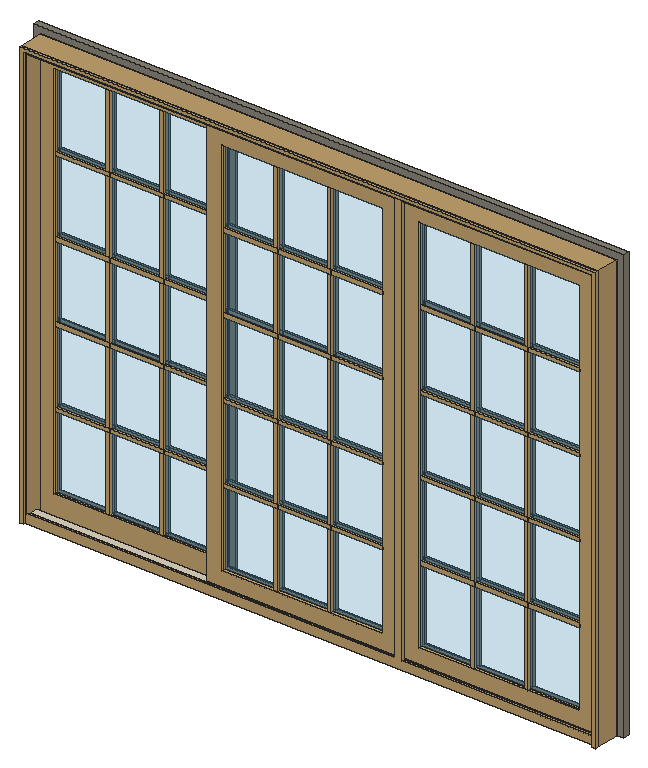
Revit family (continued)
Definition of nested family "Door_Section_Detail"
  Lines and regions (in)
    detail lines, style "Cut Lines", in view "Ref. Level"
      curve 8: line (3.45101, 4.15025, 0) -> (3.45101, 78.47475, 0)
    detail lines, style "DetailComponentsHiddenLines", in view "Ref. Level"
      curve 9: line (-0.85309, 2.6292, 0) -> (-0.85309, 77.50689, 0)
  Dimensions and locks (in)
    "Height": plane 4 to plane 1 "Center (Front/Back)"
    aligned and locked: plane 1 "Center (Front/Back)" to nested 1
    aligned and locked: plane 3 "Center (Left/Right)" to nested 1
    aligned and locked: nested 2 to plane 4
    aligned and locked: plane 3 "Center (Left/Right)" to nested 2
    aligned and locked: curve 1 to nested 1  (x2)
    aligned and locked: nested 1 to curve 2
    aligned and locked: curve 2 to nested 1
    aligned and locked: curve 3 to nested 1  (x2)
    aligned and locked: nested 1 to curve 4
    aligned and locked: curve 4 to nested 1
    aligned and locked: curve 5 to nested 1  (x2)
    aligned and locked: nested 1 to curve 6
    aligned and locked: curve 6 to nested 1
    aligned and locked: curve 7 to nested 1  (x2)
    aligned and locked: nested 1 to curve 8
    aligned and locked: curve 8 to nested 1
    aligned and locked: curve 1 to nested 2
    aligned and locked: nested 2 to curve 2
    aligned and locked: curve 3 to nested 2
    aligned and locked: nested 2 to curve 4
    aligned and locked: curve 5 to nested 2
    aligned and locked: nested 2 to curve 6
    aligned and locked: curve 7 to nested 2
    aligned and locked: nested 2 to curve 8
    aligned and locked: nested 1 to curve 9
    aligned and locked: curve 9 to nested 1
    aligned and locked: nested 2 to curve 9
    aligned and locked: plane 3 "Center (Left/Right)" to nested 3
    aligned and locked: nested 3 to plane 4
    aligned and locked: plane 3 "Center (Left/Right)" to nested 4
    aligned and locked: nested 4 to plane 4
  Nested families (in)
    nested 1: "Sill_Detail" at (0, 0, 0), type "Sill_Detail", in view "Ref. Level"
    nested 2: "Head_Detail" at (0, 82, 0), type "Jamb_Detail", in view "Ref. Level"
    nested 3: "BMC_Detail" at (0, 82, 0), visible <- "BMC", type "BMC_Detail", in view "Ref. Level"
    nested 4: "Flat_Casing_Detail" at (0, 82, 0), visible <- "Flat Casing", type "Flat_Casing_Detail", in view "Ref. Level"
  Definition of nested family "Sill_Detail"
    Parameters (values of type "Jamb_Detail")
      Assembly Code = ""
    Types (2): name
      Jamb_Detail
      Sill_Detail
    Reference planes (in)
      plane 1 "Center (Front/Back)": y = 0
      plane 2: z = 0
      plane 3 "Center (Left/Right)": x = 0
    Lines and regions (in)
      detail lines, style "Cut Lines", in view "Ref. Level"
        curve 1: line (-1.09375, 0, 0) -> (4.5625, 0, 0)
        curve 2: line (4.5625, 1.61602, 0) -> (4.5625, 0, 0)
        curve 3: line (-1.09375, 0, 0) -> (-1.09375, 0.45188, 0)
        curve 4: line (3.9696, 1.81919, 0) -> (2.30162, 1.81919, 0)
        curve 5: line (3.9696, 4.61541, 0) -> (3.9696, 1.81919, 0)
        curve 6: line (2.2196, 1.34621, 0) -> (2.2196, 4.60446, 0)
        curve 7: line (3.62818, 4.8125, 0) -> (3.9696, 4.61541, 0)
        curve 8: line (3.48221, 4.8125, 0) -> (3.62818, 4.8125, 0)
        curve 9: line (2.2196, 4.60446, 0) -> (2.39187, 4.60446, 0)
        curve 10: line (2.6571, 4.8125, 0) -> (2.59991, 4.8125, 0)
        curve 11: line (2.6571, 4.08766, 0) -> (3.48221, 4.08766, 0)
        curve 12: line (2.6571, 4.8125, 0) -> (2.6571, 4.08766, 0)
        curve 13: line (3.48221, 4.08766, 0) -> (3.48221, 4.8125, 0)
        curve 14: line (2.39187, 4.60446, 0) -> (2.59991, 4.8125, 0)
        curve 15: line (2.70101, 4.15025, 0) -> (2.82601, 4.15025, 0)
        curve 16: line (3.32601, 4.27525, 0) -> (2.82601, 4.27525, 0)
        curve 17: line (3.32601, 4.52525, 0) -> (2.82601, 4.52525, 0)
        curve 18: line (3.32601, 4.15025, 0) -> (3.45101, 4.15025, 0)
        curve 19: line (1.47371, 4.61541, 0) -> (1.47371, 0.72172, 0)
        curve 20: line (-0.27629, 0.53779, 0) -> (-0.27629, 4.60446, 0)
        curve 21: line (1.13229, 4.8125, 0) -> (1.47371, 4.61541, 0)
        curve 22: line (0.98632, 4.8125, 0) -> (1.13229, 4.8125, 0)
        curve 23: line (-0.27629, 4.60446, 0) -> (-0.10402, 4.60446, 0)
        curve 24: line (0.16121, 4.8125, 0) -> (0.10402, 4.8125, 0)
        curve 25: line (0.16121, 4.08766, 0) -> (0.98632, 4.08766, 0)
        curve 26: line (0.16121, 4.8125, 0) -> (0.16121, 4.08766, 0)
        curve 27: line (0.98632, 4.08766, 0) -> (0.98632, 4.8125, 0)
        curve 28: line (-0.10402, 4.60446, 0) -> (0.10402, 4.8125, 0)
        curve 29: line (0.20512, 4.15025, 0) -> (0.33012, 4.15025, 0)
        curve 30: line (0.83012, 4.27525, 0) -> (0.33012, 4.27525, 0)
        curve 31: line (0.83012, 4.52525, 0) -> (0.33012, 4.52525, 0)
        curve 32: line (0.83012, 4.15025, 0) -> (0.95512, 4.15025, 0)
        curve 33: line (-0.44909, 0.63436, 0) -> (-0.44909, 2.3842, 0)
        curve 34: line (-0.96909, 1.2162, 0) -> (-0.96909, 0.63436, 0)
        curve 35: line (-0.96909, 0.63436, 0) -> (-0.44909, 0.63436, 0)
        curve 36: line (-1.28109, 2.22826, 0) -> (-1.28109, 1.4762, 0)
        curve 37: line (-0.44909, 2.3842, 0) -> (-0.57209, 2.3842, 0)
        curve 38: line (-1.28109, 1.4762, 0) -> (-0.96909, 1.2162, 0)
        curve 39: line (-0.96909, 2.22826, 0) -> (-1.28109, 2.22826, 0)
        curve 40: line (-0.96909, 2.22826, 0) -> (-0.96909, 2.3842, 0)
        curve 41: line (-0.57209, 2.6292, 0) -> (-0.85309, 2.6292, 0)
        curve 42: line (-0.74809, 2.5892, 0) -> (-0.61209, 2.5892, 0)
        curve 43: line (-0.57209, 2.3842, 0) -> (-0.57209, 2.6292, 0)
        curve 44: line (-0.61209, 2.5892, 0) -> (-0.61209, 2.3842, 0)
        curve 45: line (-0.85309, 2.6292, 0) -> (-0.85309, 2.5192, 0)
        curve 46: line (-0.74809, 2.5192, 0) -> (-0.74809, 2.5892, 0)
        curve 47: line (-0.74809, 2.5192, 0) -> (-0.85309, 2.5192, 0)
        curve 48: line (-0.61209, 2.3842, 0) -> (-0.96909, 2.3842, 0)
        curve 49: line (-1.09375, 0.45188, 0) -> (1.47371, 0.72172, 0)
        curve 50: line (4.5625, 1.61602, 0) -> (2.43933, 1.61602, 0)
        curve 51: line (2.43933, 1.04253, 0) -> (2.43933, 1.61602, 0)
        curve 52: line (1.47371, 1.04253, 0) -> (2.43933, 1.04253, 0)
        curve 53: line (2.30162, 1.34621, 0) -> (2.30162, 1.81919, 0)
        curve 54: line (2.2196, 1.34621, 0) -> (2.30162, 1.34621, 0)
        curve 55: line (-0.82683, 0.63436, 0) -> (-0.82683, 0.47993, 0)
        curve 56: line (-0.58683, 0.63436, 0) -> (-0.58683, 0.50516, 0)
  Definition of nested family "Head_Detail"
    Parameters (values of type "Jamb_Detail")
      Flange Visibility = no
      Assembly Code = ""
    Reference planes (in)
      plane 1 "Center (Front/Back)": y = 0
      plane 2: z = 0
      plane 3 "Center (Left/Right)": x = 0
    Lines and regions (in)
      detail lines, style "Cut Lines", in view "Ref. Level"
        curve 1: line (-1.09375, 0, 0) -> (4.5625, 0, 0)
        curve 2: line (4.5625, 0, 0) -> (4.5625, -2.06854, 0)
        curve 3: line (-0.31923, -1.06374, 0) -> (4.03177, -1.06374, 0)
        curve 4: line (-1.09375, -0.67848, 0) -> (-1.15509, -0.67848, 0)
        curve 5: line (-1.09375, -0.67848, 0) -> (-1.09375, 0, 0)
        curve 11: line (-0.44909, -2.49827, 0) -> (-0.44909, -4.24811, 0)
        curve 12: line (-0.96909, -3.08011, 0) -> (-0.96909, -2.49827, 0)
        curve 13: line (-0.96909, -2.49827, 0) -> (-0.50105, -2.49827, 0)
        curve 14: line (-1.28109, -4.09217, 0) -> (-1.28109, -3.34011, 0)
        curve 15: line (-0.44909, -4.24811, 0) -> (-0.57209, -4.24811, 0)
        curve 16: line (-1.28109, -3.34011, 0) -> (-0.96909, -3.08011, 0)
        curve 17: line (-0.96909, -4.09217, 0) -> (-1.28109, -4.09217, 0)
        curve 18: line (-0.96909, -4.09217, 0) -> (-0.96909, -4.24811, 0)
        curve 19: line (-0.57209, -4.49311, 0) -> (-0.85309, -4.49311, 0)
        curve 20: line (-0.74809, -4.45311, 0) -> (-0.61209, -4.45311, 0)
        curve 21: line (-0.57209, -4.24811, 0) -> (-0.57209, -4.49311, 0)
        curve 22: line (-0.61209, -4.45311, 0) -> (-0.61209, -4.24811, 0)
        curve 23: line (-0.85309, -4.49311, 0) -> (-0.85309, -4.38311, 0)
        curve 24: line (-0.74809, -4.38311, 0) -> (-0.74809, -4.45311, 0)
        curve 25: line (-0.74809, -4.38311, 0) -> (-0.85309, -4.38311, 0)
        curve 26: line (-0.61209, -4.24811, 0) -> (-0.96909, -4.24811, 0)
        curve 27: line (3.9696, -1.18804, 0) -> (2.2196, -1.18804, 0)
        curve 28: line (3.9696, -3.99041, 0) -> (3.9696, -1.18804, 0)
        curve 29: line (2.2196, -1.18804, 0) -> (2.2196, -3.97946, 0)
        curve 30: line (3.62818, -4.1875, 0) -> (3.9696, -3.99041, 0)
        curve 31: line (3.48221, -4.1875, 0) -> (3.62818, -4.1875, 0)
        curve 32: line (2.2196, -3.97946, 0) -> (2.39187, -3.97946, 0)
        curve 33: line (2.6571, -4.1875, 0) -> (2.59991, -4.1875, 0)
        curve 34: line (2.6571, -3.46266, 0) -> (3.48221, -3.46266, 0)
        curve 35: line (2.6571, -4.1875, 0) -> (2.6571, -3.46266, 0)
        curve 36: line (3.48221, -3.46266, 0) -> (3.48221, -4.1875, 0)
        curve 37: line (2.39187, -3.97946, 0) -> (2.59991, -4.1875, 0)
        curve 38: line (2.70101, -3.52525, 0) -> (2.82601, -3.52525, 0)
        curve 39: line (3.32601, -3.65025, 0) -> (2.82601, -3.65025, 0)
        curve 40: line (3.32601, -3.90025, 0) -> (2.82601, -3.90025, 0)
        curve 41: line (3.32601, -3.52525, 0) -> (3.45101, -3.52525, 0)
        curve 42: line (1.47371, -1.18804, 0) -> (-0.27629, -1.18804, 0)
        curve 43: line (1.47371, -3.99041, 0) -> (1.47371, -1.06374, 0)
        curve 44: line (-0.27629, -1.18804, 0) -> (-0.27629, -3.97946, 0)
        curve 45: line (1.13229, -4.1875, 0) -> (1.47371, -3.99041, 0)
        curve 46: line (0.98632, -4.1875, 0) -> (1.13229, -4.1875, 0)
        curve 47: line (-0.27629, -3.97946, 0) -> (-0.10402, -3.97946, 0)
        curve 48: line (0.16121, -4.1875, 0) -> (0.10402, -4.1875, 0)
        curve 49: line (0.16121, -3.46266, 0) -> (0.98632, -3.46266, 0)
        curve 50: line (0.16121, -4.1875, 0) -> (0.16121, -3.46266, 0)
        curve 51: line (0.98632, -3.46266, 0) -> (0.98632, -4.1875, 0)
        curve 52: line (-0.10402, -3.97946, 0) -> (0.10402, -4.1875, 0)
        curve 53: line (0.20512, -3.52525, 0) -> (0.33012, -3.52525, 0)
        curve 54: line (0.83012, -3.65025, 0) -> (0.33012, -3.65025, 0)
        curve 55: line (0.83012, -3.90025, 0) -> (0.33012, -3.90025, 0)
        curve 56: line (0.83012, -3.52525, 0) -> (0.95512, -3.52525, 0)
        curve 57: line (4.03177, -1.06374, 0) -> (4.03177, -2.06854, 0)
        curve 58: line (4.03177, -2.06854, 0) -> (4.5625, -2.06854, 0)
        curve 59: line (2.18774, -1.75054, 0) -> (1.47371, -1.75054, 0)
        curve 60: line (-1.15509, -2.24927, 0) -> (-1.15509, -0.67848, 0)
        curve 61: line (-0.81009, -2.24927, 0) -> (-1.15509, -2.24927, 0)
        curve 62: line (-1.10509, -1.10227, 0) -> (-0.81009, -1.10227, 0)
        curve 63: line (-1.10509, -0.73627, 0) -> (-1.10509, -1.10227, 0)
        curve 64: line (-0.48993, -0.73627, 0) -> (-1.10509, -0.73627, 0)
        curve 65: line (-0.81009, -1.10227, 0) -> (-0.81009, -2.24927, 0)
        curve 66: line (-0.68009, -2.18816, 0) -> (-0.50105, -2.49827, 0)
        curve 67: line (-0.45739, -2.48388, 0) -> (-0.63509, -2.17611, 0)
        curve 68: line (-0.63509, -2.17611, 0) -> (-0.63509, -1.18527, 0)
        curve 69: line (-0.81009, -1.49777, 0) -> (-0.68009, -1.49777, 0)
        curve 70: line (-0.81009, -1.87277, 0) -> (-0.68009, -1.87277, 0)
        curve 71: line (-0.75509, -1.18527, 0) -> (-0.75509, -1.49777, 0)
        curve 72: line (-0.63509, -1.18527, 0) -> (-0.75509, -1.18527, 0)
        curve 73: line (-0.68009, -1.49777, 0) -> (-0.68009, -2.18816, 0)
        curve 74: line (-0.31923, -1.06374, 0) -> (-0.48993, -0.73627, 0)
        curve 75: line (2.18774, -1.06304, 0) -> (2.18774, -1.75054, 0)
      detail lines, style "Cut Lines", in view "Ref. Level", visible <- "Flange Visibility"
        curve 6: line (-0.045, 0, 0) -> (-0.045, 1.49897, 0)
        curve 7: line (0, 0.155, 0) -> (0, 1.49897, 0)
        curve 8: line (0, 0.155, 0) -> (0.11, 0.155, 0)
        curve 9: line (0.11, 0, 0) -> (0.11, 0.155, 0)
        curve 10: line (0, 1.49897, 0) -> (-0.045, 1.49897, 0)
  Definition of nested family "BMC_Detail"
    Parameters (values of type "BMC_Detail")
      Assembly Code = ""
    Reference planes (in)
      plane 1 "Center (Front/Back)": y = 0
      plane 2: z = 0
      plane 3 "Center (Left/Right)": x = 0
    Lines and regions (in)
      detail lines, style "Cut Lines", in view "Ref. Level"
        curve 1: line (-1.25, 0.71589, 0) -> (-1.25, 1.3125, 0)
        curve 2: line (-1.25, 1.3125, 0) -> (0, 1.3125, 0)
        curve 3: line (0, 0, 0) -> (-1.09375, 0, 0)
        curve 4: line (-1.09375, 0, 0) -> (-1.09375, 0.38081, 0)
        curve 5: line (-1.09375, 0.38081, 0) -> (-1.25, 0.71589, 0)
        curve 6: line (0, 0, 0) -> (0, 1.3125, 0)
  Definition of nested family "Flat_Casing_Detail"
    Parameters (values of type "Flat_Casing_Detail")
      Assembly Code = ""
    Reference planes (in)
      plane 1 "Center (Front/Back)": y = 0
      plane 2: z = 0
      plane 3 "Center (Left/Right)": x = 0
    Lines and regions (in)
      detail lines, style "Cut Lines", in view "Ref. Level"
        curve 1: line (-1.09375, 3, 0) -> (0, 3, 0)
        curve 2: line (0, 0, 0) -> (-1.09375, 0, 0)
        curve 3: line (-1.09375, 0, 0) -> (-1.09375, 3, 0)
        curve 4: line (0, 0, 0) -> (0, 3, 0)
Definition of nested family "Label Annotation 1-16 w5"
  Parameters
    Label = ""
    Egress Info = "EGRESS WDW"
    Description = "3664 FIXED"
  Reference planes (in)
    plane 1: y = 0
    plane 2: x = 0
  Text (in)
    label "Description" at (0.00375, -0.00345, 0), shows "Description"
Definition of nested family "Door_Plan_Detail"
  Parameters (values of type "Door_Plan_Detail")
    XOO = yes
    Width = 9' - 2 3/4"
    Shift = if(OXO, (DLO Width + 0' 5 3/4"), (DLO Width * 2 + 1' 1 3/16"))  # 6' - 2 1/16"
    OXO = no
    Flat Casing Visibility = no
    DLO Width = 2' - 6 7/16"
    Casing Visibility = yes
    BMC Visibility = yes
    Assembly Code = ""
  Reference planes (in)
    plane 1 "Center (Front/Back)": y = 0
    plane 2: z = 0
    plane 3 "Center (Left/Right)": x = -3.125
    plane 4: x = -58.5
    plane 5: x = 52.25
    plane 6: x = 15.5625
    plane 7: x = 13.9375
    plane 8: x = -54.625
    plane 9: x = 48.0625
    plane 10: x = 17.625
    plane 11: x = 10.25
    plane 12: x = 17.4375
    plane 13: x = 13.6875
    plane 14 "XOO Stile": x = -23.875
    plane 15: x = -20.21875
    plane 16: y = 1.09375
    plane 17: y = -4.5625
    plane 18: x = -54.3125
  Lines and regions (in)
    detail lines, style "Cut Lines", in view "Ref. Level", visible <- "OXO", detail levels fine
      curve 1: line (16.77525, -2.70101, 0) -> (10.91225, -2.70101, 0)
      curve 2: line (16.77525, -2.82601, 0) -> (10.91225, -2.82601, 0)
      curve 3: line (16.77525, -3.32601, 0) -> (10.91225, -3.32601, 0)
      curve 4: line (16.77525, -3.45101, 0) -> (10.91225, -3.45101, 0)
      curve 10: line (-55.28725, -0.20079, 0) -> (14.34975, -0.20079, 0)
      curve 11: line (-55.28725, -0.32579, 0) -> (14.34975, -0.32579, 0)
      curve 12: line (-55.28725, -0.82579, 0) -> (14.34975, -0.82579, 0)
      curve 13: line (-55.28725, -0.95079, 0) -> (14.34975, -0.95079, 0)
    detail lines, style "DetailComponentsHiddenLines", in view "Ref. Level", visible <- "OXO", detail levels fine
      curve 5: line (16.28564, 0.8837, 0) -> (11.25, 0.8837, 0)
    detail lines, style "Cut Lines", in view "Ref. Level", detail levels fine
      curve 6: line (16.96275, -2.70101, 0) -> (48.72475, -2.70101, 0)
      curve 7: line (16.96275, -2.82601, 0) -> (48.72475, -2.82601, 0)
      curve 8: line (16.96275, -3.32601, 0) -> (48.72475, -3.32601, 0)
      curve 9: line (16.96275, -3.45101, 0) -> (48.72475, -3.45101, 0)
    detail lines, style "Cut Lines", in view "Ref. Level", visible <- "XOO", detail levels fine
      curve 14: line (-17.22475, -0.20079, 0) -> (14.34975, -0.20079, 0)
      curve 15: line (-17.22475, -0.32579, 0) -> (14.34975, -0.32579, 0)
      curve 16: line (-17.22475, -0.82579, 0) -> (14.34975, -0.82579, 0)
      curve 17: line (-17.22475, -0.95079, 0) -> (14.34975, -0.95079, 0)
      curve 82: line (-54.97475, -2.70101, 0) -> (-23.21275, -2.70101, 0)
      curve 83: line (-54.97475, -2.82601, 0) -> (-23.21275, -2.82601, 0)
      curve 84: line (-54.97475, -3.32601, 0) -> (-23.21275, -3.32601, 0)
      curve 85: line (-54.97475, -3.45101, 0) -> (-23.21275, -3.45101, 0)
    detail lines, style "Medium Lines", in view "Ref. Level", detail levels coarse+medium
      curve 18: line (-58.5, 1.09375, 0) -> (-57.4375, 1.09375, 0)
      curve 19: line (-58.5, -4.5625, 0) -> (-58.5, 1.09375, 0)
      curve 20: line (-57.4375, -4.5625, 0) -> (-58.5, -4.5625, 0)
      curve 21: line (-57.4375, 1.09375, 0) -> (-57.4375, -4.5625, 0)
      curve 22: line (52.25, 1.09375, 0) -> (51.1875, 1.09375, 0)
      curve 23: line (52.25, -4.5625, 0) -> (52.25, 1.09375, 0)
      curve 24: line (51.1875, -4.5625, 0) -> (52.25, -4.5625, 0)
      curve 25: line (51.1875, 1.09375, 0) -> (51.1875, -4.5625, 0)
      curve 37: line (16.6875, 0.28062, 0) -> (13.6875, 0.28062, 0)
      curve 38: line (16.6875, -1.46938, 0) -> (13.6875, -1.46938, 0)
      curve 39: line (13.6875, -1.46938, 0) -> (13.6875, 0.28062, 0)
      curve 41: line (14.4375, -2.2196, 0) -> (17.4375, -2.2196, 0)
      curve 42: line (14.4375, -3.9696, 0) -> (14.4375, -2.2196, 0)
      curve 43: line (17.4375, -3.9696, 0) -> (14.4375, -3.9696, 0)
      curve 44: line (17.4375, -2.2196, 0) -> (17.4375, -3.9696, 0)
      curve 61: line (51.1875, -2.2196, 0) -> (48.0625, -2.2196, 0)
      curve 62: line (51.1875, -3.9696, 0) -> (48.0625, -3.9696, 0)
      curve 63: line (48.0625, -2.2196, 0) -> (48.0625, -3.9696, 0)
      curve 66: line (16.6875, -1.46938, 0) -> (16.6875, 0.28062, 0)
      curve 67: line (16.625, -1.46938, 0) -> (16.625, -2.2196, 0)
      curve 68: line (14.625, -2.2196, 0) -> (14.625, -1.46938, 0)
      curve 72: line (17.625, -3.0946, 0) -> (48.0625, -3.0946, 0)
    detail lines, style "Medium Lines", in view "Ref. Level", visible <- "OXO", detail levels coarse+medium
      curve 26: line (14.5625, 1.09375, 0) -> (13.3125, 1.09375, 0)
      curve 27: line (14.5625, -4.5625, 0) -> (14.5625, 1.09375, 0)
      curve 28: line (13.3125, -4.5625, 0) -> (14.5625, -4.5625, 0)
      curve 29: line (13.3125, 1.09375, 0) -> (13.3125, -4.5625, 0)
      curve 34: line (-57.4375, 0.28062, 0) -> (-54.625, 0.28062, 0)
      curve 35: line (-57.4375, -1.46938, 0) -> (-54.625, -1.46938, 0)
      curve 36: line (-54.625, 0.28062, 0) -> (-54.625, -1.46938, 0)
      curve 40: line (16.6875, 0.28062, 0) -> (16.6875, -1.46938, 0)
      curve 48: line (13.3125, -2.2196, 0) -> (10.25, -2.2196, 0)
      curve 49: line (10.25, -3.9696, 0) -> (13.3125, -3.9696, 0)
      curve 50: line (10.25, -2.2196, 0) -> (10.25, -3.9696, 0)
      curve 51: line (17.4375, -3.0946, 0) -> (10.25, -3.0946, 0)
      curve 54: line (13.3125, -2.2196, 0) -> (13.3125, -3.9696, 0)
      curve 55: line (-54.625, -0.59438, 0) -> (13.6875, -0.59438, 0)
      curve 58: line (14.5625, -2.2196, 0) -> (17.625, -2.2196, 0)
      curve 59: line (14.5625, -3.9696, 0) -> (17.625, -3.9696, 0)
      curve 60: line (17.625, -2.2196, 0) -> (17.625, -3.9696, 0)
    detail lines, style "Medium Lines", in view "Ref. Level", visible <- "XOO", detail levels coarse+medium
      curve 30: line (-20.75, 1.09375, 0) -> (-19.6875, 1.09375, 0)
      curve 31: line (-20.75, -4.5625, 0) -> (-20.75, 1.09375, 0)
      curve 32: line (-19.6875, -4.5625, 0) -> (-20.75, -4.5625, 0)
      curve 33: line (-19.6875, 1.09375, 0) -> (-19.6875, -4.5625, 0)
      curve 45: line (-19.6875, 0.28062, 0) -> (-16.5625, 0.28062, 0)
      curve 46: line (-16.5625, -1.46938, 0) -> (-19.6875, -1.46938, 0)
      curve 47: line (-16.5625, 0.28062, 0) -> (-16.5625, -1.46938, 0)
      curve 69: line (-16.5625, -0.59438, 0) -> (13.6875, -0.59438, 0)
      curve 73: line (-57.40666, -2.2196, 0) -> (-54.3125, -2.2196, 0)
      curve 74: line (-54.3125, -3.9696, 0) -> (-57.40666, -3.9696, 0)
      curve 75: line (-54.3125, -2.2196, 0) -> (-54.3125, -3.9696, 0)
      curve 76: line (-20.75, -2.2196, 0) -> (-23.875, -2.2196, 0)
      curve 77: line (-23.875, -3.9696, 0) -> (-20.75, -3.9696, 0)
      curve 78: line (-23.875, -2.2196, 0) -> (-23.875, -3.9696, 0)
      curve 79: line (-54.3125, -3.0946, 0) -> (-23.875, -3.0946, 0)
    detail lines, in view "Ref. Level", visible <- "OXO", detail levels coarse+medium
      curve 52: line (17.4375, -2.2196, 0) -> (10.25, -2.2196, 0)
      curve 53: line (17.4375, -3.9696, 0) -> (10.25, -3.9696, 0)
      curve 56: line (-54.625, 0.28062, 0) -> (13.6875, 0.28062, 0)
      curve 57: line (-54.625, -1.46938, 0) -> (13.6875, -1.46938, 0)
    detail lines, in view "Ref. Level", detail levels coarse+medium
      curve 64: line (17.625, -2.2196, 0) -> (48.0625, -2.2196, 0)
      curve 65: line (17.625, -3.9696, 0) -> (48.0625, -3.9696, 0)
    detail lines, in view "Ref. Level", visible <- "XOO", detail levels coarse+medium
      curve 70: line (-16.5625, 0.28062, 0) -> (13.6875, 0.28062, 0)
      curve 71: line (-16.5625, -1.46938, 0) -> (13.6875, -1.46938, 0)
      curve 80: line (-54.3125, -2.2196, 0) -> (-23.875, -2.2196, 0)
      curve 81: line (-54.3125, -3.9696, 0) -> (-23.875, -3.9696, 0)
    detail lines, style "DetailComponentsHiddenLines", in view "Ref. Level", visible <- "XOO", detail levels fine
      curve 86: line (16.28564, 0.8837, 0) -> (49.375, 0.8837, 0)
  Dimensions and locks (in)
    equal spacing: plane 4, plane 3 "Center (Left/Right)", plane 5
    "Width": plane 4 to plane 5
    locked: plane 4 to plane 8 at 3.875
    locked: plane 9 to plane 5 at 4.1875
    plane 11 to plane 7 to plane 10 = 0' - 3 11/16", 0' - 3 11/16"
    plane 13 to plane 6 to plane 12 = 0' - 1 7/8" locked, 0' - 1 7/8" locked
    "DLO Width": plane 18 to plane 14 "XOO Stile"
    locked: plane 14 "XOO Stile" to plane 15 at 3.65625
    locked: plane 1 "Center (Front/Back)" to plane 16 at 1.09375
    locked: plane 17 to plane 1 "Center (Front/Back)" at 4.5625
    curve 29 to plane 7 to curve 27 = 0' - 0 5/8" locked, 0' - 0 5/8" locked
    curve 31 to plane 15 to curve 33 = 0' - 0 17/32" locked, 0' - 0 17/32" locked
    "DLO Width": plane 10 to plane 9
    "Shift": plane 4 to plane 6
    locked: plane 4 to plane 18 at 4.1875
    aligned and locked: plane 4 to nested 1
    aligned and locked: plane 1 "Center (Front/Back)" to nested 1
    aligned and locked: plane 1 "Center (Front/Back)" to nested 2
    aligned and locked: curve 1 to nested 2  (x2)
    aligned and locked: nested 2 to curve 2
    aligned and locked: curve 2 to nested 2
    aligned and locked: curve 3 to nested 2  (x2)
    aligned and locked: nested 2 to curve 4
    aligned and locked: curve 4 to nested 2
    aligned and locked: nested 2 to curve 5
    aligned and locked: curve 5 to nested 2
    aligned and locked: plane 5 to nested 3
    aligned and locked: nested 4 to plane 4
    aligned and locked: nested 4 to plane 1 "Center (Front/Back)"
    aligned and locked: plane 5 to nested 5
    aligned and locked: plane 1 "Center (Front/Back)" to nested 5
    aligned and locked: nested 6 to plane 1 "Center (Front/Back)"
    aligned and locked: nested 6 to plane 4
    aligned and locked: plane 7 to nested 7
    aligned and locked: plane 1 "Center (Front/Back)" to nested 7
    aligned and locked: plane 6 to nested 2
    aligned and locked: curve 1 to nested 7
    aligned and locked: nested 7 to curve 2
    aligned and locked: curve 3 to nested 7
    aligned and locked: nested 7 to curve 4
    aligned and locked: nested 7 to curve 5
    aligned and locked: plane 1 "Center (Front/Back)" to nested 8
    aligned and locked: plane 15 to nested 8
    aligned and locked: curve 10 to nested 1  (x2)
    aligned and locked: nested 1 to curve 11
    aligned and locked: curve 11 to nested 1
    aligned and locked: curve 12 to nested 1
    aligned and locked: nested 1 to curve 13
    aligned and locked: curve 13 to nested 1
    aligned and locked: curve 14 to nested 8  (x2)
    aligned and locked: nested 8 to curve 15
    aligned and locked: curve 15 to nested 8
    aligned and locked: curve 16 to nested 8  (x2)
    aligned and locked: nested 8 to curve 17
    aligned and locked: curve 17 to nested 8
    aligned and locked: nested 1 to curve 18
    aligned and locked: curve 18 to nested 6
    aligned and locked: plane 17 to curve 21
    aligned and locked: curve 21 to nested 1
    aligned and locked: curve 23 to plane 5
    aligned and locked: curve 22 to plane 16
    aligned and locked: plane 17 to curve 24
    aligned and locked: curve 26 to plane 16
    aligned and locked: plane 17 to curve 28
    aligned and locked: nested 1 to curve 34
    aligned and locked: plane 8 to curve 35
    aligned and locked: curve 35 to nested 1
    aligned and locked: curve 36 to plane 8
    aligned and locked: nested 2 to curve 41
    aligned and locked: curve 41 to nested 2
    aligned and locked: curve 44 to nested 2
    aligned and locked: curve 44 to plane 12
    aligned and locked: curve 45 to nested 8
    aligned and locked: curve 47 to nested 8
    aligned and locked: curve 48 to nested 7
    aligned and locked: curve 50 to nested 7
    aligned and locked: curve 50 to plane 11
    aligned and locked: curve 32 to plane 17
    aligned and locked: plane 16 to curve 30
    aligned and locked: curve 29 to curve 54
    aligned and locked: plane 10 to curve 59
    aligned and locked: curve 60 to plane 10
    aligned and locked: plane 9 to curve 62
    aligned and locked: curve 63 to plane 9
    aligned and locked: curve 67 to nested 2
    aligned and locked: curve 41 to curve 68
    aligned and locked: curve 68 to nested 2
    aligned and locked: curve 14 to nested 2
    aligned and locked: nested 2 to curve 15
    aligned and locked: nested 2 to curve 16
    aligned and locked: nested 2 to curve 17
    aligned and locked: nested 9 to plane 5
    aligned and locked: plane 1 "Center (Front/Back)" to nested 9
    aligned and locked: curve 59 to nested 7
    aligned and locked: curve 58 to nested 7
    aligned and locked: curve 9 to nested 7
    aligned and locked: curve 8 to nested 7  (x2)
    aligned and locked: curve 7 to nested 7  (x2)
    aligned and locked: curve 6 to nested 7  (x2)
    aligned and locked: plane 4 to nested 10
    aligned and locked: nested 10 to plane 1 "Center (Front/Back)"
    aligned and locked: curve 40 to curve 66
    aligned and locked: curve 73 to nested 10
    aligned and locked: curve 74 to nested 10
    aligned and locked: curve 75 to nested 10
    aligned and locked: curve 76 to nested 8
    aligned and locked: curve 77 to nested 8
    aligned and locked: curve 78 to nested 8
    aligned and locked: curve 79 to curve 51
    aligned and locked: curve 80 to curve 52
    aligned and locked: curve 82 to nested 10  (x2)
    aligned and locked: nested 10 to curve 83
    aligned and locked: curve 83 to nested 10
    aligned and locked: curve 84 to nested 10  (x2)
    aligned and locked: nested 10 to curve 85
    aligned and locked: curve 85 to nested 10
    aligned and locked: curve 39 to nested 2
    aligned and locked: nested 2 to curve 13
    aligned and locked: curve 12 to nested 2
    aligned and locked: curve 11 to nested 2
    aligned and locked: curve 10 to nested 2
    aligned and locked: nested 8 to curve 85
    aligned and locked: curve 84 to nested 8
    aligned and locked: curve 83 to nested 8
    aligned and locked: curve 82 to nested 8
    aligned and locked: curve 66 to nested 2
    aligned and locked: nested 7 to curve 9
  Automatic sketch dimensions
    curve 35 to curve 73 = 0' - 0.03084"
    curve 20 to curve 74 = 0' - 0.03084"
    curve 12 to curve 13 = 0' - 0"
    plane 9 to curve 7 = 0' - 0.66225"
    curve 8 to curve 7 = 0' - 0"
    curve 9 to curve 8 = 0' - 0"
    curve 6 to curve 7 = 0' - 0"
    plane 9 to curve 86 = 0' - 1 5/16"
    curve 24 to curve 23 = 0' - 1 1/16"
    curve 8 to curve 72 = 0' - 0.23141"
    curve 79 to curve 76 = 0' - 0 7/8"
    curve 3 to curve 51 = 0' - 0.23141"
    plane 1 "Center (Front/Back)" to curve 69 = 0' - 0.59438"
    curve 55 to curve 69 = 0' - 0"
    curve 16 to curve 69 = 0' - 0.66225"
  Nested families (in)
    nested 1: "Jamb_Detail2" at (-58.5, 0, 0), visible <- "OXO", type "Jamb_Detail2", in view "Ref. Level", detail levels fine
    nested 2: "Mtg_Stiles" at (15.625, 0, 0), type "Mtg_Stiles", in view "Ref. Level", detail levels fine
    nested 3: "BMC_Detail" at (52.25, 0, 0) x (0, -1, 0) z (0, 0, 1), visible <- "BMC Visibility", type "BMC_Detail", in view "Ref. Level"
    nested 4: "BMC_Detail" at (-58.5, 0, 0) x (0, -1, 0) z (0, 0, 1), visible <- "BMC Visibility", type "BMC_Detail", in view "Ref. Level"
    nested 5: "Flat_Casing_Detail" at (52.25, 0, 0) x (0, -1, 0) z (0, 0, 1), visible <- "Flat Casing Visibility", type "Flat_Casing_Detail", in view "Ref. Level"
    nested 6: "Flat_Casing_Detail" at (-58.5, 0, 0) x (0, -1, 0) z (0, 0, 1), visible <- "Flat Casing Visibility", type "Flat_Casing_Detail", in view "Ref. Level"
    nested 7: "Mtg_Stiles_2" at (13.92174, 0, 0), visible <- "OXO", type "Mtg_Stiles", in view "Ref. Level", detail levels fine
    nested 8: "Mtg_Stiles_3" at (-20.21875, 0, 0), visible <- "XOO", type "3", in view "Ref. Level", detail levels fine
    nested 9: "Jamb_Detail" at (52.23424, 0, 0), Screen <- "XOO", type "Jamb", in view "Ref. Level", detail levels fine
      with Screen yes
    nested 10: "Jamb_Detail" at (-58.48424, 0, 0) x (-1, 0, 0) z (0, 0, 1), visible <- "XOO", type "Jamb", in view "Ref. Level", detail levels fine
      with Screen no
  Definition of nested family "Jamb_Detail2"
    Parameters (values of type "Jamb_Detail2")
      Flange Visibility = not(Casing Visibility)  # no
      Casing Visibility = yes
      Assembly Code = ""
    Reference planes (in)
      plane 1 "Center (Front/Back)": y = 0
      plane 2: z = 0
      plane 3 "Center (Left/Right)": x = 0
    Lines and regions (in)
      detail lines, style "Cut Lines", in view "Ref. Level"
        curve 1: line (0, 1.09375, 0) -> (0, -4.5625, 0)
        curve 7: line (0.67848, 0.3871, 0) -> (0.67848, 1.09375, 0)
        curve 8: line (0.93767, 0.3871, 0) -> (0.67848, 0.3871, 0)
        curve 9: line (0.93767, 0.28062, 0) -> (0.93767, 0.3871, 0)
        curve 10: line (0.67848, 1.09375, 0) -> (0, 1.09375, 0)
        curve 11: line (0.891, -1.46938, 0) -> (0.891, 0.28062, 0)
        curve 12: line (3.67791, -1.46938, 0) -> (0.891, -1.46938, 0)
        curve 13: line (0.891, 0.28062, 0) -> (3.66696, 0.28062, 0)
        curve 14: line (3.875, -1.12796, 0) -> (3.67791, -1.46938, 0)
        curve 15: line (3.875, -0.98199, 0) -> (3.875, -1.12796, 0)
        curve 16: line (3.66696, 0.28062, 0) -> (3.66696, 0.10835, 0)
        curve 17: line (3.875, -0.15688, 0) -> (3.875, -0.09969, 0)
        curve 18: line (3.15016, -0.15688, 0) -> (3.15016, -0.98199, 0)
        curve 19: line (3.875, -0.15688, 0) -> (3.15016, -0.15688, 0)
        curve 20: line (3.15016, -0.98199, 0) -> (3.875, -0.98199, 0)
        curve 21: line (3.66696, 0.10835, 0) -> (3.875, -0.09969, 0)
        curve 22: line (3.21275, -0.20079, 0) -> (3.21275, -0.32579, 0)
        curve 23: line (3.33775, -0.82579, 0) -> (3.33775, -0.32579, 0)
        curve 24: line (3.58775, -0.82579, 0) -> (3.58775, -0.32579, 0)
        curve 25: line (3.21275, -0.82579, 0) -> (3.21275, -0.95079, 0)
        curve 26: line (1.531, -2.82099, 0) -> (1.531, -1.46938, 0)
        curve 27: line (1.0625, -4.5625, 0) -> (1.0625, -2.82099, 0)
        curve 28: line (1.0625, -2.82099, 0) -> (1.531, -2.82099, 0)
        curve 29: line (0, -4.5625, 0) -> (1.0625, -4.5625, 0)
      detail lines, style "Cut Lines", in view "Ref. Level", visible <- "Flange Visibility"
        curve 2: line (0, 0.045, 0) -> (-1.49897, 0.045, 0)
        curve 3: line (-0.155, 0, 0) -> (-1.49897, 0, 0)
        curve 4: line (-0.155, 0, 0) -> (-0.155, -0.11, 0)
        curve 5: line (0, -0.11, 0) -> (-0.155, -0.11, 0)
        curve 6: line (-1.49897, 0, 0) -> (-1.49897, 0.045, 0)
  Definition of nested family "Mtg_Stiles"
    Parameters (values of type "Mtg_Stiles")
      Assembly Code = ""
    Reference planes (in)
      plane 1 "Center (Front/Back)": y = 0
      plane 2: z = 0
      plane 3 "Center (Left/Right)": x = -0.0625
    Lines and regions (in)
      detail lines, style "Cut Lines", in view "Ref. Level"
        curve 1: line (1.0625, -1.46938, 0) -> (1.0625, 0.28062, 0)
        curve 2: line (-1.74041, -1.46938, 0) -> (1.0625, -1.46938, 0)
        curve 3: line (1.0625, 0.28062, 0) -> (-1.72946, 0.28062, 0)
        curve 4: line (-1.9375, -1.12796, 0) -> (-1.74041, -1.46938, 0)
        curve 5: line (-1.9375, -0.98199, 0) -> (-1.9375, -1.12796, 0)
        curve 6: line (-1.72946, 0.28062, 0) -> (-1.72946, 0.10835, 0)
        curve 7: line (-1.9375, -0.15688, 0) -> (-1.9375, -0.09969, 0)
        curve 8: line (-1.21266, -0.15688, 0) -> (-1.21266, -0.98199, 0)
        curve 9: line (-1.9375, -0.15688, 0) -> (-1.21266, -0.15688, 0)
        curve 10: line (-1.21266, -0.98199, 0) -> (-1.9375, -0.98199, 0)
        curve 11: line (-1.72946, 0.10835, 0) -> (-1.9375, -0.09969, 0)
        curve 12: line (-1.27525, -0.20079, 0) -> (-1.27525, -0.32579, 0)
        curve 13: line (-1.40025, -0.82579, 0) -> (-1.40025, -0.32579, 0)
        curve 14: line (-1.65025, -0.82579, 0) -> (-1.65025, -0.32579, 0)
        curve 15: line (-1.27525, -0.82579, 0) -> (-1.27525, -0.95079, 0)
        curve 16: line (-1.1875, -3.9696, 0) -> (-1.1875, -2.2196, 0)
        curve 17: line (1.61541, -3.9696, 0) -> (-1.1875, -3.9696, 0)
        curve 18: line (-1.1875, -2.2196, 0) -> (1.60446, -2.2196, 0)
        curve 19: line (1.8125, -3.62818, 0) -> (1.61541, -3.9696, 0)
        curve 20: line (1.8125, -3.48221, 0) -> (1.8125, -3.62818, 0)
        curve 21: line (1.60446, -2.2196, 0) -> (1.60446, -2.39187, 0)
        curve 22: line (1.8125, -2.6571, 0) -> (1.8125, -2.59991, 0)
        curve 23: line (1.08766, -2.6571, 0) -> (1.08766, -3.48221, 0)
        curve 24: line (1.8125, -2.6571, 0) -> (1.08766, -2.6571, 0)
        curve 25: line (1.08766, -3.48221, 0) -> (1.8125, -3.48221, 0)
        curve 26: line (1.60446, -2.39187, 0) -> (1.8125, -2.59991, 0)
        curve 27: line (1.15025, -2.70101, 0) -> (1.15025, -2.82601, 0)
        curve 28: line (1.27525, -3.32601, 0) -> (1.27525, -2.82601, 0)
        curve 29: line (1.52525, -3.32601, 0) -> (1.52525, -2.82601, 0)
        curve 30: line (1.15025, -3.32601, 0) -> (1.15025, -3.45101, 0)
        curve 31: line (-1.3342, 0.4797, 0) -> (0.41564, 0.4797, 0)
        curve 32: line (-0.75236, 0.9997, 0) -> (-1.3342, 0.9997, 0)
        curve 33: line (-1.3342, 0.9997, 0) -> (-1.3342, 0.4797, 0)
        curve 34: line (0.2597, 1.3117, 0) -> (-0.49236, 1.3117, 0)
        curve 35: line (0.41564, 0.4797, 0) -> (0.41564, 0.6027, 0)
        curve 36: line (-0.49236, 1.3117, 0) -> (-0.75236, 0.9997, 0)
        curve 37: line (0.2597, 0.9997, 0) -> (0.2597, 1.3117, 0)
        curve 38: line (0.2597, 0.9997, 0) -> (0.41564, 0.9997, 0)
        curve 39: line (0.66064, 0.6027, 0) -> (0.66064, 0.8837, 0)
        curve 40: line (0.62064, 0.7787, 0) -> (0.62064, 0.6427, 0)
        curve 41: line (0.41564, 0.6027, 0) -> (0.66064, 0.6027, 0)
        curve 42: line (0.62064, 0.6427, 0) -> (0.41564, 0.6427, 0)
        curve 43: line (0.66064, 0.8837, 0) -> (0.55064, 0.8837, 0)
        curve 44: line (0.55064, 0.7787, 0) -> (0.62064, 0.7787, 0)
        curve 45: line (0.55064, 0.7787, 0) -> (0.55064, 0.8837, 0)
        curve 46: line (0.41564, 0.6427, 0) -> (0.41564, 0.9997, 0)
        curve 47: line (-1, -1.69597, 0) -> (-1, -2.2196, 0)
        curve 48: line (-1, -1.69597, 0) -> (0.17933, -1.69597, 0)
        curve 49: line (-0.40967, -1.82097, 0) -> (-0.40967, -2.2196, 0)
        curve 50: line (-0.40967, -1.82097, 0) -> (0.30162, -1.82097, 0)
        curve 51: line (0.30162, -1.82097, 0) -> (0.30162, -1.46938, 0)
        curve 52: line (1, -1.95537, 0) -> (1, -1.46938, 0)
        curve 53: line (1, -1.95537, 0) -> (-0.28738, -1.95537, 0)
        curve 54: line (-0.28738, -1.95537, 0) -> (-0.28738, -1.82097, 0)
        curve 55: line (0.17933, -1.69597, 0) -> (0.17933, -1.82097, 0)
  Definition of nested family "BMC_Detail"
    Parameters (values of type "BMC_Detail")
      Assembly Code = ""
    Reference planes (in)
      plane 1 "Center (Front/Back)": y = 0
      plane 2: z = 0
      plane 3 "Center (Left/Right)": x = 0
    Lines and regions (in)
      detail lines, style "Cut Lines", in view "Ref. Level"
        curve 1: line (-1.25, 0.71589, 0) -> (-1.25, 1.3125, 0)
        curve 2: line (-1.25, 1.3125, 0) -> (0, 1.3125, 0)
        curve 3: line (0, 0, 0) -> (-1.09375, 0, 0)
        curve 4: line (-1.09375, 0, 0) -> (-1.09375, 0.38081, 0)
        curve 5: line (-1.09375, 0.38081, 0) -> (-1.25, 0.71589, 0)
        curve 6: line (0, 0, 0) -> (0, 1.3125, 0)
  Definition of nested family "Flat_Casing_Detail"
    Parameters (values of type "Flat_Casing_Detail")
      Assembly Code = ""
    Reference planes (in)
      plane 1 "Center (Front/Back)": y = 0
      plane 2: z = 0
      plane 3 "Center (Left/Right)": x = 0
    Lines and regions (in)
      detail lines, style "Cut Lines", in view "Ref. Level"
        curve 1: line (-1.09375, 3, 0) -> (0, 3, 0)
        curve 2: line (0, 0, 0) -> (-1.09375, 0, 0)
        curve 3: line (-1.09375, 0, 0) -> (-1.09375, 3, 0)
        curve 4: line (0, 0, 0) -> (0, 3, 0)
  Definition of nested family "Mtg_Stiles_2"
    Parameters (values of type "Mtg_Stiles")
      Assembly Code = ""
    Reference planes (in)
      plane 1 "Center (Front/Back)": y = 0
      plane 2: z = 0
      plane 3 "Center (Left/Right)": x = 0.01576
    Lines and regions (in)
      detail lines, style "Cut Lines", in view "Ref. Level"
        curve 1: line (-0.67174, -3.9696, 0) -> (-0.67174, -2.2196, 0)
        curve 2: line (-3.47465, -3.9696, 0) -> (-0.67174, -3.9696, 0)
        curve 3: line (-0.67174, -2.2196, 0) -> (-3.46369, -2.2196, 0)
        curve 4: line (-3.67174, -3.62818, 0) -> (-3.47465, -3.9696, 0)
        curve 5: line (-3.67174, -3.48221, 0) -> (-3.67174, -3.62818, 0)
        curve 6: line (-3.46369, -2.2196, 0) -> (-3.46369, -2.39187, 0)
        curve 7: line (-3.67174, -2.6571, 0) -> (-3.67174, -2.59991, 0)
        curve 8: line (-2.9469, -2.6571, 0) -> (-2.9469, -3.48221, 0)
        curve 9: line (-3.67174, -2.6571, 0) -> (-2.9469, -2.6571, 0)
        curve 10: line (-2.9469, -3.48221, 0) -> (-3.67174, -3.48221, 0)
        curve 11: line (-3.46369, -2.39187, 0) -> (-3.67174, -2.59991, 0)
        curve 12: line (-3.00949, -2.70101, 0) -> (-3.00949, -2.82601, 0)
        curve 13: line (-3.13449, -3.32601, 0) -> (-3.13449, -2.82601, 0)
        curve 14: line (-3.38449, -3.32601, 0) -> (-3.38449, -2.82601, 0)
        curve 15: line (-3.00949, -3.32601, 0) -> (-3.00949, -3.45101, 0)
        curve 16: line (-0.57839, -2.23065, 0) -> (-0.57839, -4.002, 0)
        curve 17: line (-0.60924, 0.28062, 0) -> (-0.60924, 1.09375, 0)
        curve 18: line (-0.60924, 1.09375, 0) -> (0.64076, 1.09375, 0)
        curve 19: arc (-1.38045, -2.10361, 0) -> (-1.23929, -0.91313, 0) -> (-1.12901, 0.28062, 0) r 46.27589
        curve 20: line (-0.60924, 0.28062, 0) -> (-1.12901, 0.28062, 0)
        curve 21: line (-1.332, -4.5625, 0) -> (-1.332, -4.17856, 0)
        curve 22: line (-1.332, -4.17856, 0) -> (-0.895, -4.002, 0)
        curve 23: line (-0.895, -4.002, 0) -> (-0.57839, -4.002, 0)
        curve 24: line (-1.38045, -2.10361, 0) -> (-0.57839, -2.23065, 0)
        curve 25: line (-0.67689, 0.4797, 0) -> (-2.42674, 0.4797, 0)
        curve 26: line (-1.25874, 0.9997, 0) -> (-0.67689, 0.9997, 0)
        curve 27: line (-0.67689, 0.9997, 0) -> (-0.67689, 0.4797, 0)
        curve 28: line (-2.2708, 1.3117, 0) -> (-1.51874, 1.3117, 0)
        curve 29: line (-2.42674, 0.4797, 0) -> (-2.42674, 0.6027, 0)
        curve 30: line (-1.51874, 1.3117, 0) -> (-1.25874, 0.9997, 0)
        curve 31: line (-2.2708, 0.9997, 0) -> (-2.2708, 1.3117, 0)
        curve 32: line (-2.2708, 0.9997, 0) -> (-2.42674, 0.9997, 0)
        curve 33: line (-2.67174, 0.6027, 0) -> (-2.67174, 0.8837, 0)
        curve 34: line (-2.63174, 0.7787, 0) -> (-2.63174, 0.6427, 0)
        curve 35: line (-2.42674, 0.6027, 0) -> (-2.67174, 0.6027, 0)
        curve 36: line (-2.63174, 0.6427, 0) -> (-2.42674, 0.6427, 0)
        curve 37: line (-2.67174, 0.8837, 0) -> (-2.56174, 0.8837, 0)
        curve 38: line (-2.56174, 0.7787, 0) -> (-2.63174, 0.7787, 0)
        curve 39: line (-2.56174, 0.7787, 0) -> (-2.56174, 0.8837, 0)
        curve 40: line (-2.42674, 0.6427, 0) -> (-2.42674, 0.9997, 0)
        curve 41: line (1.36353, -4.5625, 0) -> (-1.332, -4.5625, 0)
        curve 42: line (0.70326, -3.9696, 0) -> (0.70326, -2.2196, 0)
        curve 43: line (3.50617, -3.9696, 0) -> (0.70326, -3.9696, 0)
        curve 44: line (0.70326, -2.2196, 0) -> (3.49522, -2.2196, 0)
        curve 45: line (3.70326, -3.62818, 0) -> (3.50617, -3.9696, 0)
        curve 46: line (3.70326, -3.48221, 0) -> (3.70326, -3.62818, 0)
        curve 47: line (3.49522, -2.2196, 0) -> (3.49522, -2.39187, 0)
        curve 48: line (3.70326, -2.6571, 0) -> (3.70326, -2.59991, 0)
        curve 49: line (2.97843, -2.6571, 0) -> (2.97843, -3.48221, 0)
        curve 50: line (3.70326, -2.6571, 0) -> (2.97843, -2.6571, 0)
        curve 51: line (2.97843, -3.48221, 0) -> (3.70326, -3.48221, 0)
        curve 52: line (3.49522, -2.39187, 0) -> (3.70326, -2.59991, 0)
        curve 53: line (3.04101, -2.70101, 0) -> (3.04101, -2.82601, 0)
        curve 54: line (3.16601, -3.32601, 0) -> (3.16601, -2.82601, 0)
        curve 55: line (3.41601, -3.32601, 0) -> (3.41601, -2.82601, 0)
        curve 56: line (3.04101, -3.32601, 0) -> (3.04101, -3.45101, 0)
        curve 57: line (0.60992, -2.23065, 0) -> (0.60992, -4.002, 0)
        curve 58: line (0.64076, 0.28062, 0) -> (0.64076, 1.09375, 0)
        curve 59: arc (1.41198, -2.10361, 0) -> (1.27082, -0.91313, 0) -> (1.16054, 0.28062, 0) r 46.27589
        curve 60: line (0.64076, 0.28062, 0) -> (1.16054, 0.28062, 0)
        curve 61: line (1.36353, -4.5625, 0) -> (1.36353, -4.17856, 0)
        curve 62: line (1.36353, -4.17856, 0) -> (0.92653, -4.002, 0)
        curve 63: line (0.92653, -4.002, 0) -> (0.60992, -4.002, 0)
        curve 64: line (1.41198, -2.10361, 0) -> (0.60992, -2.23065, 0)
  Definition of nested family "Mtg_Stiles_3"
    Parameters (values of type "3")
      Assembly Code = ""
    Reference planes (in)
      plane 1 "Center (Front/Back)": y = 0
      plane 2: z = 0
      plane 3 "Center (Left/Right)": x = 0
    Lines and regions (in)
      detail lines, style "Cut Lines", in view "Ref. Level"
        curve 1: line (0.65625, 1.09375, 0) -> (-0.46875, 1.09375, 0)
        curve 2: line (0.65625, -1.46938, 0) -> (0.65625, 1.09375, 0)
        curve 3: line (3.45916, -1.46938, 0) -> (0.65625, -1.46938, 0)
        curve 4: line (0.65625, 0.28062, 0) -> (3.44821, 0.28062, 0)
        curve 5: line (3.65625, -1.12796, 0) -> (3.45916, -1.46938, 0)
        curve 6: line (3.65625, -0.98199, 0) -> (3.65625, -1.12796, 0)
        curve 7: line (3.44821, 0.28062, 0) -> (3.44821, 0.10835, 0)
        curve 8: line (3.65625, -0.15688, 0) -> (3.65625, -0.09969, 0)
        curve 9: line (2.93141, -0.15688, 0) -> (2.93141, -0.98199, 0)
        curve 10: line (3.65625, -0.15688, 0) -> (2.93141, -0.15688, 0)
        curve 11: line (2.93141, -0.98199, 0) -> (3.65625, -0.98199, 0)
        curve 12: line (3.44821, 0.10835, 0) -> (3.65625, -0.09969, 0)
        curve 13: line (2.994, -0.20079, 0) -> (2.994, -0.32579, 0)
        curve 14: line (3.119, -0.82579, 0) -> (3.119, -0.32579, 0)
        curve 15: line (3.369, -0.82579, 0) -> (3.369, -0.32579, 0)
        curve 16: line (2.994, -0.82579, 0) -> (2.994, -0.95079, 0)
        curve 17: line (1.1875, -2.82099, 0) -> (1.1875, -1.46938, 0)
        curve 18: line (0.71875, -2.82099, 0) -> (1.1875, -2.82099, 0)
        curve 19: line (-1.19152, -4.5625, 0) -> (1.40625, -4.5625, 0)
        curve 20: line (0.71875, -2.82099, 0) -> (0.71875, -4.002, 0)
        curve 21: line (1.40625, -4.5625, 0) -> (1.40625, -4.17856, 0)
        curve 22: line (1.40625, -4.17856, 0) -> (0.96925, -4.002, 0)
        curve 23: line (0.96925, -4.002, 0) -> (0.71875, -4.002, 0)
        curve 24: line (-0.65625, -3.9696, 0) -> (-0.65625, -2.2196, 0)
        curve 25: line (-3.45916, -3.9696, 0) -> (-0.65625, -3.9696, 0)
        curve 26: line (-0.65625, -2.2196, 0) -> (-3.44821, -2.2196, 0)
        curve 27: line (-3.65625, -3.62818, 0) -> (-3.45916, -3.9696, 0)
        curve 28: line (-3.65625, -3.48221, 0) -> (-3.65625, -3.62818, 0)
        curve 29: line (-3.44821, -2.2196, 0) -> (-3.44821, -2.39187, 0)
        curve 30: line (-3.65625, -2.6571, 0) -> (-3.65625, -2.59991, 0)
        curve 31: line (-2.93141, -2.6571, 0) -> (-2.93141, -3.48221, 0)
        curve 32: line (-3.65625, -2.6571, 0) -> (-2.93141, -2.6571, 0)
        curve 33: line (-2.93141, -3.48221, 0) -> (-3.65625, -3.48221, 0)
        curve 34: line (-3.44821, -2.39187, 0) -> (-3.65625, -2.59991, 0)
        curve 35: line (-2.994, -2.70101, 0) -> (-2.994, -2.82601, 0)
        curve 36: line (-3.119, -3.32601, 0) -> (-3.119, -2.82601, 0)
        curve 37: line (-3.369, -3.32601, 0) -> (-3.369, -2.82601, 0)
        curve 38: line (-2.994, -3.32601, 0) -> (-2.994, -3.45101, 0)
        curve 39: line (-0.56291, -2.21085, 0) -> (-0.56291, -4.002, 0)
        curve 40: line (-0.46875, 0.28062, 0) -> (-0.46875, 1.09375, 0)
        curve 41: arc (-1.23997, -2.10361, 0) -> (-1.0988, -0.91313, 0) -> (-0.98852, 0.28062, 0) r 46.27589
        curve 42: line (-0.46875, 0.28062, 0) -> (-0.98852, 0.28062, 0)
        curve 43: line (-1.19152, -4.5625, 0) -> (-1.19152, -4.17856, 0)
        curve 44: line (-1.19152, -4.17856, 0) -> (-0.75452, -4.002, 0)
        curve 45: line (-0.75452, -4.002, 0) -> (-0.56291, -4.002, 0)
        curve 46: line (-1.23997, -2.10361, 0) -> (-0.56291, -2.21085, 0)
  Definition of nested family "Jamb_Detail"
    Parameters (values of type "Jamb")
      Screen [instance] = yes
      Flange Visibility = not(Casing Visibility)  # no
      Casing Visibility = yes
      Assembly Code = ""
    Reference planes (in)
      plane 1 "Center (Front/Back)": y = 0
      plane 2: z = 0
      plane 3 "Center (Left/Right)": x = 0.01576
    Lines and regions (in)
      detail lines, style "Cut Lines", in view "Ref. Level"
        curve 1: line (-1.07758, -3.9696, 0) -> (-1.07758, -2.2196, 0)
        curve 2: line (-3.97465, -3.9696, 0) -> (-1.07758, -3.9696, 0)
        curve 3: line (-1.07758, -2.2196, 0) -> (-3.96369, -2.2196, 0)
        curve 4: line (-4.17174, -3.62818, 0) -> (-3.97465, -3.9696, 0)
        curve 5: line (-4.17174, -3.48221, 0) -> (-4.17174, -3.62818, 0)
        curve 6: line (-3.96369, -2.2196, 0) -> (-3.96369, -2.39187, 0)
        curve 7: line (-4.17174, -2.6571, 0) -> (-4.17174, -2.59991, 0)
        curve 8: line (-3.4469, -2.6571, 0) -> (-3.4469, -3.48221, 0)
        curve 9: line (-4.17174, -2.6571, 0) -> (-3.4469, -2.6571, 0)
        curve 10: line (-3.4469, -3.48221, 0) -> (-4.17174, -3.48221, 0)
        curve 11: line (-3.96369, -2.39187, 0) -> (-4.17174, -2.59991, 0)
        curve 12: line (-3.50949, -2.70101, 0) -> (-3.50949, -2.82601, 0)
        curve 13: line (-3.63449, -3.32601, 0) -> (-3.63449, -2.82601, 0)
        curve 14: line (-3.88449, -3.32601, 0) -> (-3.88449, -2.82601, 0)
        curve 15: line (-3.50949, -3.32601, 0) -> (-3.50949, -3.45101, 0)
        curve 16: line (-0.9585, -2.22984, 0) -> (-0.9585, -4.002, 0)
        curve 17: line (-0.67174, 0.28062, 0) -> (-0.67174, 1.09375, 0)
        curve 18: line (-0.67174, 1.09375, 0) -> (0.01576, 1.09375, 0)
        curve 19: arc (-1.75545, -2.10361, 0) -> (-1.61429, -0.91313, 0) -> (-1.50401, 0.28062, 0) r 46.27589
        curve 20: line (-0.67174, 0.28062, 0) -> (-1.50401, 0.28062, 0)
        curve 21: line (-1.707, -4.5625, 0) -> (-1.707, -4.17856, 0)
        curve 22: line (-1.707, -4.17856, 0) -> (-1.27, -4.002, 0)
        curve 23: line (-1.27, -4.002, 0) -> (-0.9585, -4.002, 0)
        curve 24: line (-1.75545, -2.10361, 0) -> (-0.9585, -2.22984, 0)
        curve 41: line (0.01576, -4.5625, 0) -> (-1.707, -4.5625, 0)
        curve 42: line (0.01576, 1.09375, 0) -> (0.01576, -4.5625, 0)
      detail lines, style "Cut Lines", in view "Ref. Level", visible <- "Screen"
        curve 25: line (-0.86439, 0.4797, 0) -> (-2.61424, 0.4797, 0)
        curve 26: line (-1.44624, 0.9997, 0) -> (-0.86439, 0.9997, 0)
        curve 27: line (-0.86439, 0.9997, 0) -> (-0.86439, 0.4797, 0)
        curve 28: line (-2.4583, 1.3117, 0) -> (-1.70624, 1.3117, 0)
        curve 29: line (-2.61424, 0.4797, 0) -> (-2.61424, 0.6027, 0)
        curve 30: line (-1.70624, 1.3117, 0) -> (-1.44624, 0.9997, 0)
        curve 31: line (-2.4583, 0.9997, 0) -> (-2.4583, 1.3117, 0)
        curve 32: line (-2.4583, 0.9997, 0) -> (-2.61424, 0.9997, 0)
        curve 33: line (-2.85924, 0.6027, 0) -> (-2.85924, 0.8837, 0)
        curve 34: line (-2.81924, 0.7787, 0) -> (-2.81924, 0.6427, 0)
        curve 35: line (-2.61424, 0.6027, 0) -> (-2.85924, 0.6027, 0)
        curve 36: line (-2.81924, 0.6427, 0) -> (-2.61424, 0.6427, 0)
        curve 37: line (-2.85924, 0.8837, 0) -> (-2.74924, 0.8837, 0)
        curve 38: line (-2.74924, 0.7787, 0) -> (-2.81924, 0.7787, 0)
        curve 39: line (-2.74924, 0.7787, 0) -> (-2.74924, 0.8837, 0)
        curve 40: line (-2.61424, 0.6427, 0) -> (-2.61424, 0.9997, 0)
      detail lines, style "Cut Lines", in view "Ref. Level", visible <- "Flange Visibility"
        curve 43: line (0.03153, 0.045, 0) -> (1.5305, 0.045, 0)
        curve 44: line (0.18653, 0, 0) -> (1.5305, 0, 0)
        curve 45: line (0.18653, 0, 0) -> (0.18653, -0.11, 0)
        curve 46: line (0.03153, -0.11, 0) -> (0.18653, -0.11, 0)
        curve 47: line (1.5305, 0, 0) -> (1.5305, 0.045, 0)
Definition of nested family "Sliding Arrow"
  Reference planes (in)
    plane 1 "Center (Front/Back)": y = 0
    plane 2: z = 0
    plane 3 "Center (Left/Right)": x = 0
  Lines and regions (in)
    detail lines, in view "Ref. Level"
      curve 1: line (0, 1.5, 0) -> (0, -1.5, 0)
      curve 2: line (0, 1.5, 0) -> (2.59808, 0, 0)
      curve 3: line (2.59808, 0, 0) -> (0, -1.5, 0)
